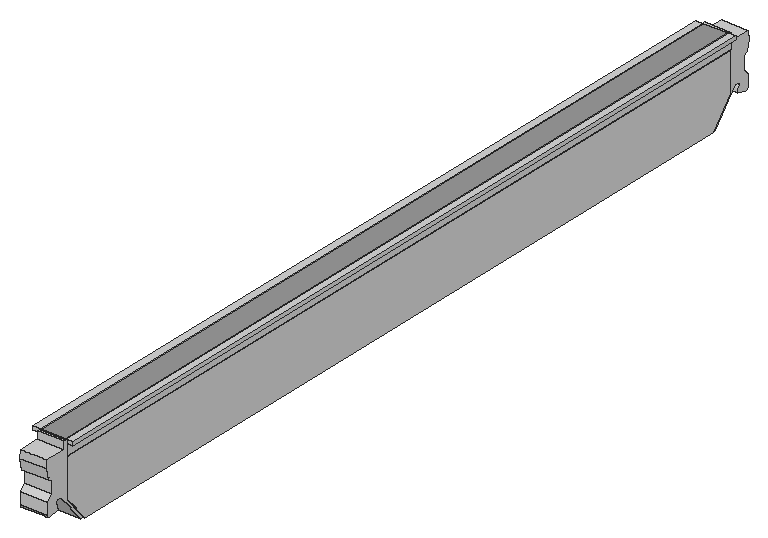
Revit family "CC4_TRANSVERSAL CC TR 1.5_1870045", category Generic Models, Revit 2018
Family settings
  Can host rebar = No
  Round Connector Dimension = Use Diameter
  Part Type = Normal
  OmniClass Number = 35.51.14.00
  OmniClass Title = FORMWORK
  Work Plane-Based = Yes
  Always vertical = No
  Cut with Voids When Loaded = No
  Shared = Yes
  Room Calculation Point = No
Parameters
  VERSION = "20190101"  # constant formula
  URL = "www.ulmaconstruction.com/en"
  UNICLASS = ""
  ITEM_CODE = "1870045"
  Manufacturer = "ULMA CONSTRUCTION"  # constant formula
  FILTER [instance] = ""
  Default Elevation = 0.000 mm
  CLASSIFICATION_TITLE = ""
  CLASSIFICATION_NUMBER = ""
Reference planes
  plane 1 "Centro (Frontal/Posterior)": y = 0
  plane 2: z = 0
  plane 3 "Centro (Izquierda/Derecha)": x = 0
  plane 4 "ITEM_LENGTH": y = 1500
Forms (mm)
  Extrusion 1, solid, material "ULMA POLYPROPYLENE BLACK", detail levels medium+fine
    sketch origin (0, 0, 0) x (1, 0, 0) y (0, 0, 1)
      loop
        line (-20.25, -71) -> (20.25, -71) -> (20.25, -21) -> (-20.25, -21) -> (-20.25, -71)
    from -1430 to -70
  Extrusion 2, solid, material "ULMA ZINC", detail levels fine
    sketch origin (0, 0, 0) x (1, 0, 0) y (0, 0, 1)
      loop
        line (-20.25, -21) -> (-33, -21) -> (-33, -27) -> (-24.75, -27) -> (-24.75, -44.293) -> (-24.25, -45.207) -> (-24.25, -151) -> (24.25, -151) -> (24.25, -45.207) -> (24.75, -44.293) -> (24.75, -27) -> (33, -27) -> (33, -21) -> (20.25, -21) -> (20.25, -71) -> (-20.25, -71) -> (-20.25, -21)
    from -1430 to -70
  Extrusion 3, void
    sketch origin (0, 0, 0) x (0, 1, 0) y (0, 0, 1)
      loop
        line (104.823, -151) -> (70, -109.5) -> (68, -109.5) -> (68, -153) -> (104.823, -153) -> (104.823, -151)
    from -35 to 35
  Extrusion 4, void
    sketch origin (0, 0, 0) x (0, 1, 0) y (0, 0, 1)
      loop
        line (1430, -109.5) -> (1395.177, -151) -> (1395.177, -153) -> (1432, -153) -> (1432, -109.5) -> (1430, -109.5)
    from -35 to 35
  Extrusion 5, solid, material "ULMA ZINC", detail levels fine
    sketch origin (0, 0, 0) x (0, 1, 0) y (0, 0, 1)
      loop
        line (70, -22) -> (65, -22) -> (65, -34) -> (30.211, -34) -> (29.97, -47.8) -> (33, -64.8) -> (39.97, -67.337) -> (39.97, -88.03) -> (30.805, -97.195) -> (30.805, -116.19)
        arc (30.805, -116.19) -> (32.37, -119.364) -> (35.841, -120.054) r 4
        line (35.841, -120.054) -> (50.97, -116)
        arc (50.97, -116) -> (50.117, -110.722) -> (47.752, -105.927) r 18.004
        arc (47.752, -105.927) -> (47.59, -103.342) -> (49.806, -102) r 2.5
        line (49.806, -102) -> (58.238, -102) -> (99.353, -151) -> (102.563, -148.307) -> (70, -109.5) -> (70, -22)
    from -22 to 22
  Extrusion 6, solid, material "ULMA ZINC", detail levels fine
    sketch origin (0, 0, 0) x (0, 1, 0) y (0, 0, 1)
      loop
        line (1430, -22) -> (1430, -109.5) -> (1397.437, -148.307) -> (1400.647, -151) -> (1441.762, -102) -> (1450.194, -102)
        arc (1450.194, -102) -> (1452.41, -103.342) -> (1452.248, -105.927) r 2.5
        arc (1452.248, -105.927) -> (1449.883, -110.722) -> (1449.03, -116) r 18.004
        line (1449.03, -116) -> (1464.159, -120.054)
        arc (1464.159, -120.054) -> (1467.63, -119.364) -> (1469.195, -116.19) r 4
        line (1469.195, -116.19) -> (1469.195, -97.195) -> (1460.03, -88.03) -> (1460.03, -67.337) -> (1467, -64.8) -> (1470.03, -47.8) -> (1469.789, -34) -> (1435, -34) -> (1435, -22) -> (1430, -22)
    from -22 to 22
  Extrusion 7, solid, material "ULMA ZINC", detail levels medium
    sketch origin (0, 0, 0) x (1, 0, 0) y (0, 0, 1)
      loop
        line (-33, -21) -> (-33, -151) -> (33, -151) -> (33, -21) -> (20.25, -21) -> (20.25, -71) -> (-20.25, -71) -> (-20.25, -21) -> (-33, -21)
    from -1430 to -70
  Extrusion 8, solid, material "ULMA ZINC", detail levels medium
    sketch origin (0, 0, 0) x (0, 1, 0) y (0, 0, 1)
      loop
        line (70, -34) -> (35, -34) -> (35, -102) -> (70, -102) -> (70, -34)
    from -22 to 22
  Extrusion 9, solid, material "ULMA ZINC", detail levels medium
    sketch origin (0, 0, 0) x (0, 1, 0) y (0, 0, 1)
      loop
        line (1430, -34) -> (1430, -102) -> (1465, -102) -> (1465, -34) -> (1430, -34)
    from -22 to 22
Cuts and joins
  Extrusion 3, Extrusion 4 cuts Extrusion 2
  Extrusion 3, Extrusion 4 cuts Extrusion 7
Lines and regions (mm)
  model lines, style "ULMA TRANSVERSAL CC TR", detail levels coarse
    curve 1: line (0, 1410, 0) -> (0, 90, 0)
    curve 2: line (60, 880.016, 0) -> (-60, 720.016, 0)
    curve 3: line (-60.012, 612.5, 0) -> (59.988, 772.5, 0)
Dimensions and locks
  plane 1 "Centro (Frontal/Posterior)" to plane 4 "ITEM_LENGTH" = 1500.000 mm
  locked: plane 4 "ITEM_LENGTH" to plane 1 "Centro (Frontal/Posterior)" at 1500
  aligned and locked: level to plane 2
